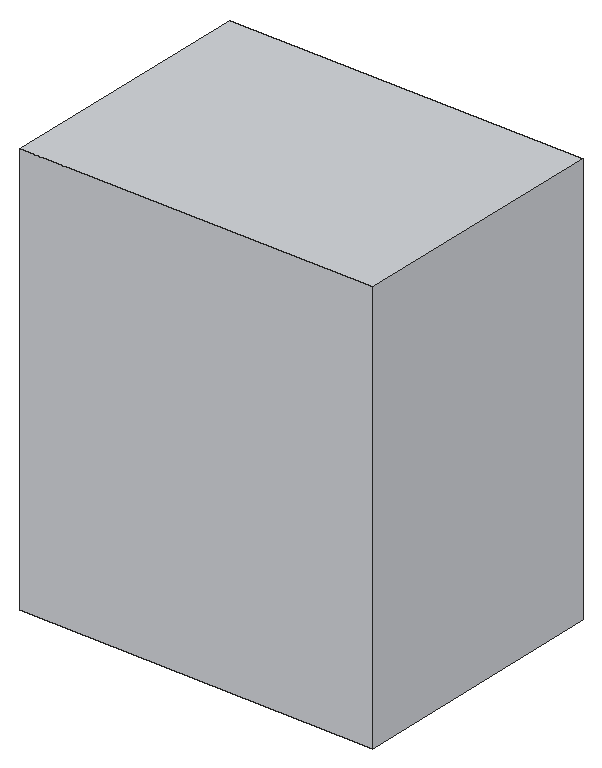
Revit family "24dc2a134da743c6a67ae2c9ca83c3b3", category Communication Devices, Revit 2021
Family settings
  Maintain Annotation Orientation = Yes
  Round Connector Dimension = Use Diameter
  Part Type = Normal
  OmniClass Number = 23.85.30.14.11
  OmniClass Title = Clocking-In and Recording
  Seek Item ID = Time Clock-0000-USA-ENU
  Work Plane-Based = No
  Always vertical = Yes
  Cut with Voids When Loaded = No
  Shared = No
  Room Calculation Point = No
Parameters (values of type "Standard")
  Width = 0' - 6 1/2"
  Length = 0' - 8 3/4"
  Label = "TC"
  Height = 0' - 10 1/4"
  Default Elevation = 0' - 0"
  Clock Material = none
Reference planes (in)
  plane 1 "Center (Front/Back)": y = 0
  plane 2: z = 0
  plane 3 "Center (Left/Right)": x = 0
  plane 4: x = -4.375
  plane 5: x = 4.375
  plane 6: y = -6.5
  plane 7: z = 10.25
Forms (in)
  Extrusion 1, solid
    sketch origin (0, 0, 0) x (1, 0, 0) y (0, 1, 0)
      loop
        line (-4.375, 0) -> (-4.375, -6.5) -> (4.375, -6.5) -> (4.375, 0) -> (-4.375, 0)
    from 0 to 10.25
Lines and regions (in)
  symbolic lines, detail levels fine
    curve 1: line (-4.375, 0, 0) -> (-4.375, -6.5, 0)
    curve 2: line (4.375, 0, 0) -> (-4.375, 0, 0)
    curve 3: line (4.375, -6.5, 0) -> (4.375, 0, 0)
    curve 4: line (-4.375, -6.5, 0) -> (4.375, -6.5, 0)
Dimensions and locks (in)
  equal spacing: plane 4, plane 3 "Center (Left/Right)", plane 5
  "Length": plane 4 to plane 5
  "Width": plane 6 to plane 1 "Center (Front/Back)"
  "Height": plane 7 to plane 2
  aligned and locked: plane 4 to Extrusion 1 sketch curve
  aligned and locked: plane 1 "Center (Front/Back)" to Extrusion 1 sketch curve
  aligned and locked: plane 6 to Extrusion 1 sketch curve
  aligned and locked: Extrusion 1 sketch curve to plane 5
  aligned and locked: Extrusion 1 to plane 2
  aligned and locked: plane 7 to Extrusion 1
  aligned and locked: plane 1 "Center (Front/Back)" to nested 1
  aligned and locked: plane 3 "Center (Left/Right)" to nested 1
  aligned and locked: curve 1 to Extrusion 1
  aligned and locked: curve 2 to Extrusion 1
  aligned and locked: curve 3 to Extrusion 1
  aligned and locked: curve 4 to Extrusion 1
Nested families (in)
  nested 1: "Time Clock Annotation" at (0, 0, 0), type "Time Clock Annotation", detail levels coarse+medium
Connectors (in)
  electrical at (0, 0, 5.125)
    settings: on Extrusion 1, index 1, voltage 0 V, apparent load 0 VA, apparent load phase1 0 VA, apparent load phase2 0 VA, apparent load phase3 0 VA, power factor 1, load classification "Other", number of poles 1, system type 14, power factor state 1, is connector primary yes, connector utility no, sub classification motor no, connector description ""
Definition of nested family "Time Clock Annotation"
  Parameters
    Label Annotation = "TC"
  Reference planes (in)
    plane 1: y = 0
    plane 2: x = 0
  Lines and regions (in)
    reference lines
      curve 1: line (-0.11719, 0.2277, 0) -> (-0.11719, -0.28638, 0)
      curve 2: line (0.11719, 0.29601, 0) -> (0.11719, -0.28638, 0)
      curve 3: line (-0.55674, -0.15625, 0) -> (0.69326, -0.15625, 0)
    detail lines
      curve 4: line (-0.11719, 0, 0) -> (0.11719, 0, 0)
      curve 5: line (-0.11719, -0.15625, 0) -> (-0.11719, 0, 0)
      curve 6: line (0.11719, -0.15625, 0) -> (-0.11719, -0.15625, 0)
      curve 7: line (0.11719, 0, 0) -> (0.11719, -0.15625, 0)
  Text (in)
    label "TC" at (-0.08714, -0.08097, 0), shows "Label Annotation"
  Dimensions and locks (in)
    locked: curve 1 to plane 2 at 0.11719
    locked: plane 2 to curve 2 at 0.11719
    locked: curve 3 to plane 1 at 0.15625
    aligned and locked: curve 1 to curve 4
    aligned and locked: plane 1 to curve 4
    aligned and locked: curve 3 to curve 7
    aligned and locked: curve 2 to curve 7
